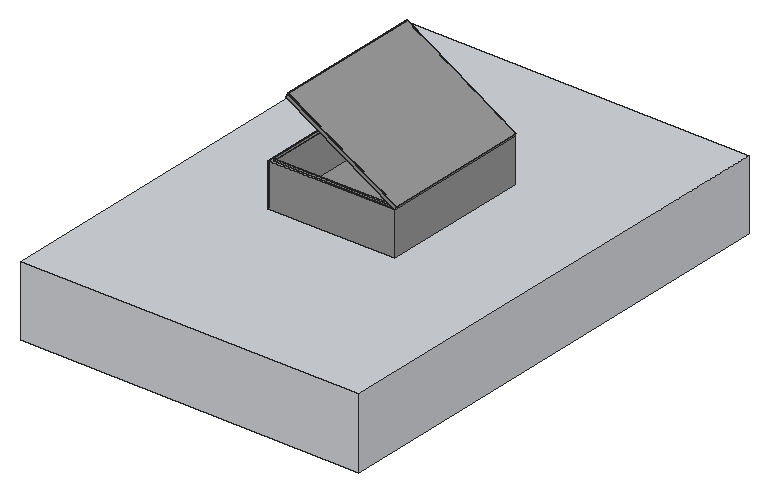
Revit family "Hager-Univers-IP54-D205-H650-Cl.II-Encl-NL-en", category Equipement électrique, Revit 2020
Family settings
  Hôte = Face
  Configuration du panneau = Deux colonnes, circuits au sein
  Cote de connecteur circulaire = Utiliser le diamètre
  Type d'élément = Tableau de raccordement
  Couper avec des vides une fois chargée = Non
  Partagée = Non
  Point de calcul de pièce = Non
Parameters (values of type "Surface mounted (plaster) IP54 W550 H650 D205  - FP42QSW")
  Width Control [instance] = if([EF000008 - Width] > Min Width, [EF000008 - Width], Min Width)  # 550 mm
  Commentaires du type = [HG000003 - Range]  # "Univers"
  Thickness Door [instance] = if([EF009171 - Material plate thickness door/cover] > 3 mm, 3 mm, [EF009171 - Material plate thickness door/cover])  # 1 mm
  Seal Frame Offset [instance] = 17 mm  # constant formula
  Plinth Visibility [instance] = [HG000027 - Plinth height] > 0 mm  # no
  Model = ""
  Min Width [instance] = 100 mm  # constant formula
  Min Height [instance] = 100 mm  # constant formula
  Min Depth [instance] = (2 * [EF009170 - Material plate thickness cabinet]) + 1 mm  # 3 mm
  Internal Frame Depth [instance] = (Door System Depth * 0.5)  # 9 mm
  Height Control [instance] = if([EF000040 - Height] > Min Height, [EF000040 - Height], Min Height)  # 650 mm
  HG000027 - Plinth height = 0 mm
  HG000026 - Floor standing = no
  HG000024 - Bottom section height = 800 mm
  HG000023 - Double section enclosure = no
  HG000016 - Door 3d visibility [instance] = yes
  HG000015 - Clearance visibility [instance] = no
  HG000014 - Door on the right [instance] = yes
  HG000013 - Door on the left [instance] = not([HG000014 - Door on the right])  # no
  HG000012 - Door swing angle [instance] = 30.00°
  HG000010 - Asymmetric doors = no
  HG000009 - Double swing door = no
  HG000006 - Flush mounted = no
  HG000004 - Manufacturer reference = "FP42QSW"
  HG000003 - Range = "Univers"
  HG000002 - With door or cover = yes
  Frame Offset Bottom [instance] = 10 mm  # constant formula
  Frame Offset [instance] = 15 mm  # constant formula
  EF015940 - Cover with overpressure release = no
  EF011959 - Degree of protection (NEMA) = ""
  EF009554 - Number of openings for flange plates = 4
  EF009212 - Cover model = "EV000116 - Closed"
  EF009171 - Material plate thickness door/cover = 1 mm
  EF009170 - Material plate thickness cabinet = 1 mm
  Fabricant = "Hager"  # constant formula
  EF008873 - Nominal current (In) = 250 A
  EF007800 - Suitable for lightning protection = no
  EF006306 - With lock = no
  EF006244 - Transparent cover/door = no
  EF005474 - Degree of protection (IP) = "EV006419 - IP54"
  EF004464 - Type of door = "EV002646 - Single"
  EF004427 - Number of modules = 96
  EF004293 - Impact strength = "EV006815 - IK09"
  EF003532 - Suitable for outdoor use = no
  EF002950 - Width in number of modular spacings = 24
  EF001613 - Circuit integrity = "EV000494 - None"
  EF001596 - Material housing = "EV000179 - Steel"
  EF001131 - Internal depth = 143 mm
  EF001088 - Extension possible = yes
  EF000437 - Number of conduit inlets = 4
  EF000339 - Type of cover = "EV001012 - Cover"
  EF000266 - Number of rows = 4
  EF000218 - Built-in depth = 0 mm
  EF000118 - With mounting plate = no
  EF000116 - RAL-number = "9010"
  EF000049 - Depth = 205 mm
  EF000040 - Height = 650 mm
  EF000008 - Width = 550 mm
  EF000007 - Colour = "EV000202 - White"
  EF000003 - Mounting method = "EV000384 - Surface mounted (plaster)"
  Door System Leaf Tolerance [instance] = 1.5 mm  # constant formula
  Door System Depth [instance] = 18 mm  # constant formula
  Door Height [instance] = Height Control - [HG000027 - Plinth height]  # 650 mm
  Depth Control [instance] = if([EF000049 - Depth] > Min Depth, [EF000049 - Depth], Min Depth)  # 205 mm
  Default Elevation = 0 mm
  Connector Offset [instance] = Height Control / 2  # 325 mm
  Bottom Top Plate Trim [instance] = 1.5 mm  # constant formula
  Plinth height Ctrl [instance] = if([HG000027 - Plinth height] > 0 mm, [HG000027 - Plinth height], 12 mm)  # 12 mm
Reference planes
  plane 1 "Center (Front/Back)": y = 0
  plane 2: z = 0
  plane 3 "Center (Left/Right)": x = 0
  plane 4: z = 205
  plane 5: y = 1
  plane 6: y = 325
  plane 7: y = 0
  plane 8: y = 650
  plane 9: z = 0
  plane 10: x = -260
  plane 11: x = 260
  plane 12: x = 259
  plane 13: x = -259
  plane 14: y = 649
  plane 15: x = -258
  plane 16: x = -275
  plane 17: x = 258
  plane 18: x = 275
  plane 19: x = 274
  plane 20: x = -274
  plane 21: y = 11
  plane 22: y = 650
  plane 23: y = 634
  plane 24: z = 187
  plane 25: z = 1
  plane 26: z = 186
  plane 27: z = 204
Forms (mm)
  Extrusion 1, solid
    sketch origin (0, 0, 0) x (1, 0, 0) y (0, 1, 0)
      loop
        line (-702.964, 1305) -> (-702.964, -811.445) -> (766.763, -811.445) -> (766.763, 1305) -> (-702.964, 1305)
    from 0 to -304.8
  Extrusion 2, solid, material "Hager_Steel_RAL7035_Light_Grey", visible <- "Plinth Visibility", detail levels medium+fine
    sketch origin (0, 0, 0) x (1, 0, 0) y (0, 1, 0)
      loop
        line (-275, 0) -> (275, 0) -> (275, 12) -> (-275, 12) -> (-275, 0)
    from 0 to 187
  Extrusion 3, solid, material "Hager_Steel_RAL7035_Light_Grey", detail levels medium+fine
    sketch origin (0, 0, 0) x (1, 0, 0) y (0, 1, 0)
      loop
        line (-275, 0) -> (275, 0) -> (275, 650) -> (-275, 650) -> (-275, 0)
    from 0 to 187
  Extrusion 4, void
    sketch origin (0, 0, 0) x (1, 0, 0) y (0, 1, 0)
      loop
        line (-274, 1) -> (274, 1) -> (274, 649) -> (-274, 649) -> (-274, 1)
    from 1 to 186
  Extrusion 5, void
    sketch origin (-381.607, -4572, 187) x (0, -1, 0) y (-1, 0, 0)
      loop
        line (-4583, -122.607) -> (-5206, -122.607) -> (-5206, -640.607) -> (-4583, -640.607) -> (-4583, -122.607)
    from 0 to 1 <- "EF009170 - Material plate thickness cabinet"
  Extrusion 6, solid, material "Hager_Steel_RAL7035_Light_Grey", detail levels fine
    sketch origin (0, 0, 187) x (1, 0, 0) y (0, 1, 0)
      loop
        line (-259, 634) -> (-259, 11) -> (259, 11) -> (259, 634) -> (-259, 634)
      loop
        line (-260, 10) -> (260, 10) -> (260, 635) -> (-260, 635) -> (-260, 10)
    from 0 to 9 <- "Internal Frame Depth"
  Extrusion 7, solid, material "Hager_Steel_RAL7035_Light_Grey", detail levels coarse
    sketch origin (0, 0, 0) x (1, 0, 0) y (0, 1, 0)
      loop
        line (-275, 0) -> (275, 0) -> (275, 650) -> (-275, 650) -> (-275, 0)
    from 0 to 205
  Sweep 8, void
    path in 3D
      loop
        line (-275, 12, 0) -> (275, 12, 0) -> (275, 12, 187) -> (-275, 12, 187) -> (-275, 12, 0)
    profile origin (-275, 12, 93.5) x (-1, 0, 0) y (0, -1, 0)
      loop
        line (0, 0) -> (0, 1.5) -> (-1.5, 1.5)
        arc (-1.5, 1.5) -> (-1.061, 0.439) -> (0, 0) r 1.5
Cuts and joins
  Extrusion 4, Extrusion 5 cuts Extrusion 3
  Sweep 8 cuts Extrusion 2
Lines and regions (mm)
  Masking region 1
    outline origin (0, 0, 0) x (1, 0, 0) y (0, 0, 1)
      loop
        line (-275, 205) -> (-275, 0) -> (275, 0) -> (275, 205) -> (-275, 205)
  Masking region 2, detail levels medium+fine
    outline origin (0, 140, 0) x (0, 1, 0) y (0, 0, 1)
      loop
        line (-140, 0) -> (510, 0) -> (510, 187) -> (-140, 187) -> (-140, 0)
  Masking region 3, not visible, detail levels medium+fine
    outline origin (0, 297.922, 0) x (0, 1, 0) y (0, 0, 1)
      loop
        line (38.578, 0) -> (78.578, 0) -> (78.578, 194)
        arc (78.578, 194) -> (75.649, 201.071) -> (68.578, 204) r 10
        line (68.578, 204) -> (38.578, 204) -> (38.578, 0)
  Masking region 4, detail levels coarse
    outline origin (0, 0, 180) x (0, 1, 0) y (0, 0, 1)
      loop
        line (0, -180) -> (650, -180) -> (650, 25) -> (0, 25) -> (0, -180)
  Masking region 5, visible <- "Plinth Visibility", detail levels medium+fine
    outline origin (0, 52.24, 12.345) x (0, 0, -1) y (0, 1, 0)
      loop
        line (10.845, -40.24) -> (-173.155, -40.24)
        arc (-173.155, -40.24) -> (-173.594, -41.301) -> (-174.655, -41.74) r 1.5
        line (-174.655, -41.74) -> (-174.655, -52.24) -> (12.345, -52.24) -> (12.345, -41.74)
        arc (12.345, -41.74) -> (11.285, -41.301) -> (10.845, -40.24) r 1.5
  Masking region 6, detail levels medium+fine
    outline origin (-381.607, -4572, 187) x (-1, 0, 0) y (0, -1, 0)
      loop
        line (-106.607, -5222) -> (-106.607, -4572) -> (-656.607, -4572) -> (-656.607, -5222) -> (-106.607, -5222)
  Masking region 7, visible <- "Plinth Visibility", detail levels medium+fine
    outline origin (-381.607, -4727, 187) x (-1, 0, 0) y (0, -1, 0)
      loop
        arc (-108.107, -4739) -> (-107.668, -4737.939) -> (-106.607, -4737.5) r 1.5
        line (-106.607, -4737.5) -> (-106.607, -4727) -> (-656.607, -4727) -> (-656.607, -4737.5)
        arc (-656.607, -4737.5) -> (-655.546, -4737.939) -> (-655.107, -4739) r 1.5
        line (-655.107, -4739) -> (-108.107, -4739)
  Masking region 8, detail levels coarse
    outline origin (-442.548, -4669.526, 187) x (-1, 0, 0) y (0, -1, 0)
      loop
        line (-167.548, -5319.526) -> (-167.548, -4669.526) -> (-717.548, -4669.526) -> (-717.548, -5319.526) -> (-167.548, -5319.526)
  sketch lines
    curve 1: line (-275, 12, 187) -> (-275, 12, 0)
    curve 2: line (275, 12, 187) -> (-275, 12, 187)
    curve 3: line (275, 12, 187) -> (275, 12, 0)
    curve 4: line (-275, 12, 0) -> (275, 12, 0)
Dimensions and locks
  "Depth Control": plane 4 to Extrusion 1
  "HG000027 - Plinth height": plane 1 "Center (Front/Back)" to plane 7
  "EF009170 - Material plate thickness cabinet": plane 5 to plane 7
  locked: connector elem to plane 3 "Center (Left/Right)"
  equal spacing: plane 8, plane 6, plane 7
  locked: connector elem to plane 6
  "EF009170 - Material plate thickness cabinet": plane 8 to plane 14
  "EF009170 - Material plate thickness cabinet": plane 10 to plane 13
  "EF009170 - Material plate thickness cabinet": plane 12 to plane 11
  "Frame Offset": plane 20 to plane 13
  "Frame Offset": plane 12 to plane 19
  "EF009170 - Material plate thickness cabinet": plane 16 to plane 20
  "EF009170 - Material plate thickness cabinet": plane 19 to plane 18
  "Seal Frame Offset": plane 16 to plane 15
  "Seal Frame Offset": plane 17 to plane 18
  "Frame Offset Bottom": plane 21 to plane 5
  "Frame Offset": plane 14 to plane 23
  equal spacing: plane 16, plane 3 "Center (Left/Right)", plane 18
  "Width Control": plane 16 to plane 18
  "EF009170 - Material plate thickness cabinet": plane 4 to plane 27
  "EF009170 - Material plate thickness cabinet": plane 24 to plane 26
  "EF009170 - Material plate thickness cabinet": plane 25 to level
  "Door System Depth": plane 4 to plane 24
  "Height Control": plane 1 "Center (Front/Back)" to Extrusion 7 sketch curve
  "Height Control": Masking region 4 sketch curve to plane 1 "Center (Front/Back)"
  "Height Control": plane 1 "Center (Front/Back)" to plane 22
  "Bottom Top Plate Trim": profile plane to Sweep 8 sketch curve
  "Bottom Top Plate Trim": Sweep 8 sketch curve to profile plane
  "Plinth height Ctrl": plane 1 "Center (Front/Back)" to Extrusion 2 sketch curve
  "Plinth height Ctrl": Masking region 5 sketch curve to plane 1 "Center (Front/Back)"
  "Plinth height Ctrl": plane 1 "Center (Front/Back)" to Masking region 7 sketch curve
  "Thickness Door": Extrusion 6 sketch curve to Extrusion 6 sketch curve  (x3)
  "Thickness Door": cut or joined group of Extrusion 3, Extrusion 4, Extrusion 5 to Extrusion 6 sketch curve
  radius of Masking region 3 sketch curve = 10 mm
  "Bottom Top Plate Trim": radius of Masking region 5 sketch curve  (x2)
  "Bottom Top Plate Trim": radius of Sweep 8 sketch curve
  "Bottom Top Plate Trim": radius of Masking region 7 sketch curve  (x2)
  aligned and locked: plane 2 to Extrusion 1
  aligned and locked: level to Extrusion 1
  aligned and locked: level to Masking region 1 sketch curve
  aligned and locked: Masking region 1 sketch curve to plane 18
  aligned and locked: Masking region 1 sketch curve to plane 16
  aligned and locked: plane 7 to Masking region 2 sketch curve
  aligned and locked: level to Masking region 3 sketch curve
  aligned and locked: Masking region 3 sketch curve to plane 27
  aligned and locked: level to Masking region 2 sketch curve
  aligned and locked: plane 1 "Center (Front/Back)" to Extrusion 2 sketch curve
  aligned and locked: Extrusion 3 sketch curve to plane 7
  aligned and locked: plane 16 to Extrusion 3 sketch curve
  aligned and locked: plane 18 to Extrusion 3 sketch curve
  aligned and locked: plane 20 to Extrusion 4 sketch curve
  aligned and locked: plane 19 to Extrusion 4 sketch curve
  aligned and locked: Extrusion 4 sketch curve to plane 5
  aligned and locked: Extrusion 4 to plane 25
  aligned and locked: plane 26 to Extrusion 4
  aligned and locked: plane 24 to Extrusion 3
  aligned and locked: Extrusion 5 sketch curve to plane 21
  aligned and locked: Extrusion 5 sketch curve to plane 13
  aligned and locked: Extrusion 5 sketch curve to plane 12
  aligned and locked: plane 18 to Extrusion 7 sketch curve
  aligned and locked: plane 1 "Center (Front/Back)" to Extrusion 7 sketch curve
  aligned and locked: plane 16 to Extrusion 7 sketch curve
  aligned and locked: plane 4 to Extrusion 7
  aligned and locked: Extrusion 7 to level
  aligned and locked: level to Masking region 4 sketch curve
  aligned and locked: Masking region 4 sketch curve to plane 1 "Center (Front/Back)"
  aligned and locked: Masking region 4 sketch curve to plane 4
  aligned and locked: nested 1 to level
  aligned and locked: nested 1 to plane 16
  aligned and locked: plane 8 to Extrusion 3 sketch curve
  aligned and locked: plane 23 to Extrusion 5 sketch curve
  aligned and locked: plane 14 to Extrusion 4 sketch curve
  aligned and locked: Masking region 2 sketch curve to plane 8
  aligned and locked: level to Masking region 5 sketch curve
  aligned and locked: plane 16 to Extrusion 2 sketch curve
  aligned and locked: plane 18 to Extrusion 2 sketch curve
  aligned and locked: Masking region 5 sketch curve to plane 24
  aligned and locked: Masking region 2 sketch curve to plane 24
  aligned and locked: plane 24 to Extrusion 2
  aligned and locked: profile plane to Sweep 8 sketch curve  (x2)
  aligned and locked: Masking region 6 sketch curve to plane 18
  aligned and locked: Masking region 6 sketch curve to plane 22
  aligned and locked: Masking region 6 sketch curve to plane 16
  aligned and locked: plane 8 to plane 22
  aligned and locked: plane 7 to Masking region 6 sketch curve
  aligned and locked: Masking region 7 sketch curve to plane 16
  aligned and locked: Masking region 7 sketch curve to plane 1 "Center (Front/Back)"
  aligned and locked: Masking region 7 sketch curve to plane 18
  aligned and locked: Masking region 8 sketch curve to plane 1 "Center (Front/Back)"
  aligned and locked: Masking region 8 sketch curve to plane 18
  aligned and locked: Masking region 8 sketch curve to plane 22
  aligned and locked: Masking region 8 sketch curve to plane 16
  aligned and locked: nested 2 to plane 7
  aligned and locked: plane 3 "Center (Left/Right)" to nested 2
  aligned and locked: nested 2 to plane 24
  aligned and locked: Extrusion 6 sketch curve to cut or joined group of Extrusion 3, Extrusion 4, Extrusion 5  (x4)
Automatic sketch dimensions
  Extrusion 1 sketch curve to Extrusion 1 sketch curve = 1469.727 mm
  Extrusion 1 sketch curve to Extrusion 1 sketch curve = 2116.445 mm
  Masking region 1 sketch curve to plane 4 = 0 mm
  plane 6 to Masking region 3 sketch curve = 11.5 mm
  Masking region 3 sketch curve to Masking region 3 sketch curve = 30 mm
  Masking region 5 sketch curve to plane 1 "Center (Front/Back)" = 0 mm
Nested families
  nested 1: "Hager_Enclosure_Symbol" at (-275, 0, 0) x (1, 0, 0) z (0, -1, 0), Height <- "Depth Control", Width <- "Width Control", type "Hager_Enclosure_Symbol"
    with Width_Ctrl 550 mm, Width 550 mm, Height_Ctrl 205 mm, Height 205 mm, A_Width_Int 13.453 mm, A_Width 161.438 mm, A_Height_Ctrl 179.375 mm, A_Height 179.375 mm
  nested 2: "EC000058_Univers_Door" at (0, 0, 187) x (1, 0, 0) z (0, 1, 0), Leaf_Tolerance <- "Door System Leaf Tolerance", Angle <- "HG000012 - Door swing angle", Door_Depth <- "Door System Depth", Door_Left <- "HG000013 - Door on the left", Transparent <- "EF006244 - Transparent cover/door", Assymetrical <- "HG000010 - Asymmetric doors", Width <- "Width Control", Clearance <- "HG000015 - Clearance visibility", Double <- "HG000009 - Double swing door", 3d_Door <- "HG000016 - Door 3d visibility", Lock_Visibility <- "EF006306 - With lock", Width_Ctrl <- "Width Control", Door_Right <- "HG000014 - Door on the right", Door <- "HG000002 - With door or cover", Height <- "Door Height", Thickness <- "Thickness Door", type "EC000058_Univers_Door", detail levels medium+fine
    with min_wh 3 mm, Width_Ctrl 550 mm, Width 550 mm, Transparent no, Thickness 1 mm, Seal_Material Hager_Rubber, Lock_Visibility no, Lock_Material Hager_Plastic_RAL9005_Jet_Black, Leaf_Width 550 mm, Leaf_Tolerance_External_Sides 0 mm, Leaf_Tolerance 1.5 mm, Leaf_Offset 0 mm, Leaf_Height 647 mm, Leaf_2_Width 550 mm, Leaf_2_Offset 275 mm, Leaf_1_Width 550 mm, Leaf_1_Offset 275 mm, Height_Ctrl 650 mm, Height 650 mm, Glass_Material Hager_Glass, Double_Clearance_Ctrl no, Double no, Door_Right_Ctrl yes, Door_Right yes, Door_Material Hager_Steel_RAL7035_Light_Grey, Door_Left_Ctrl no, Door_Left no, Door_Depth 18 mm, Door yes, Clearance_Material Hager_Clearance, Clearance_Depth 550 mm, Clearance_Ctrl no, Clearance no, Assymetrical no, Angle 30.00°, 3d_Door yes
Connectors
  electrical at (0, 325, 0)
    settings: on plane 9, index 1, voltage 0 V, apparent load 0 VA, apparent load phase1 0 VA, apparent load phase2 0 VA, apparent load phase3 0 VA, power factor 1, load classification "Other", number of poles 1, system type 30, power factor state 1, is connector primary yes, connector utility no, sub classification motor no, connector description ""
Definition of nested family "EC000058_Univers_Door"
  Parameters (values of type "EC000058_Univers_Door")
    min_wh [instance] = (2 * Thickness) + 1 mm  # 11 mm
    Width_Ctrl [instance] = 400 mm
    Width [instance] = 500 mm
    Transparent [instance] = yes
    Thickness [instance] = 5 mm
    Seal_Material [instance] = none
    Lock_Visibility [instance] = yes
    Lock_Material [instance] = none
    Leaf_Width [instance] = if((Width_Ctrl - 2 * Leaf_Tolerance_External_Sides) > 0 mm, (Width_Ctrl - 2 * Leaf_Tolerance_External_Sides), min_wh)  # 400 mm
    Leaf_Tolerance_External_Sides [instance] = 0 mm  # constant formula
    Leaf_Tolerance [instance] = 1.5 mm
    Leaf_Offset [instance] = 0 mm  # constant formula
    Leaf_Height [instance] = if((Height_Ctrl - 2 * Leaf_Tolerance) > 0 mm, (Height_Ctrl - 2 * Leaf_Tolerance), min_wh)  # 497 mm
    Leaf_2_Width [instance] = if(and(and(Double, Assymetrical), Door_Left), (Leaf_Width / 3) - (Leaf_Tolerance / 2), if(and(and(Double, Assymetrical), Door_Right), (Leaf_Width / 3) * 2 - (Leaf_Tolerance / 2), if(and(Double, not(Assymetrical)), (Leaf_Width / 2) - Leaf_Tolerance, Leaf_Width)))  # 400 mm
    Leaf_2_Offset [instance] = if(and(Double, Assymetrical), Leaf_2_Width / 2, if(and(Double, not(Assymetrical)), Leaf_Width / 4, Leaf_Width / 2))  # 200 mm
    Leaf_1_Width [instance] = if(and(and(Double, Assymetrical), Door_Right), (Leaf_Width / 3) - (Leaf_Tolerance / 2), if(and(and(Double, Assymetrical), Door_Left), (Width / 3) * 2 - (Leaf_Tolerance / 2), if(and(Double, not(Assymetrical)), (Leaf_Width / 2) - Leaf_Tolerance, Leaf_Width)))  # 400 mm
    Leaf_1_Offset [instance] = if(and(Double, Assymetrical), Leaf_1_Width / 2, if(and(Double, not(Assymetrical)), Leaf_Width / 4, Leaf_Width / 2))  # 200 mm
    Height_Ctrl [instance] = if(Height > min_wh, Height, min_wh)  # 500 mm
    Height [instance] = 500 mm
    Glass_Material [instance] = none
    Double_Clearance_Ctrl [instance] = and(Double, Clearance)  # no
    Double [instance] = no
    Door_Right_Ctrl [instance] = and(or(Door_Right, Double), Door)  # yes
    Door_Right [instance] = yes
    Door_Material [instance] = none
    Door_Left_Ctrl [instance] = and(or(Door_Left, Double), Door)  # no
    Door_Left [instance] = no
    Door_Depth [instance] = 30 mm
    Door [instance] = yes
    Default Elevation = 1219.2 mm
    Clearance_Material [instance] = none
    Clearance_Depth [instance] = if(Leaf_1_Width > Leaf_2_Width, Leaf_1_Width, Leaf_2_Width)  # 400 mm
    Clearance_Ctrl [instance] = and(not(Double), Clearance)  # yes
    Clearance [instance] = yes
    Assymetrical [instance] = yes
    Angle [instance] = 30.00°
    3d_Door [instance] = yes
  Reference planes
    plane 1 "Center (Front/Back)": y = 0
    plane 2 "Bottom": z = 0
    plane 3 "Center (Left/Right)": x = 0
    plane 4: z = 500
    plane 5: x = -200
    plane 6: x = 200
    plane 7: z = 500
    plane 8: x = -200
    plane 9: z = 0
    plane 10: x = 200
    plane 11: y = 0
    plane 12: z = 1.5
    plane 13: x = -600
    plane 14: y = -400
    plane 15: x = 600
    plane 16: x = 0
    plane 17: x = 0
    plane 18: x = -200
    plane 19: x = 200
    plane 20: z = 498.5
  Forms (mm)
    Extrusion 1, solid, material <- "Clearance_Material", visible <- "Double_Clearance_Ctrl"
      sketch origin (1200, 0, 0) x (1, 0, 0) y (0, 0, -1)
        loop
          line (-1800, -498.5) -> (-600, -498.5) -> (-600, 0) -> (-1800, 0) -> (-1800, -498.5)
      from 0 to -400
  Dimensions and locks
    equal spacing: plane 5, plane 3 "Center (Left/Right)", plane 6
    "Width_Ctrl": plane 5 to plane 6
    "Leaf_Offset": plane 5 to plane 8
    "Leaf_Offset": plane 6 to plane 10
    "Leaf_Offset": plane 9 to level
    "Leaf_Offset": plane 4 to plane 7
    "Height_Ctrl": plane 4 to level
    "Leaf_Tolerance": plane 12 to plane 9
    locked: plane 11 to plane 1 "Center (Front/Back)"
    "Leaf_1_Offset": plane 18 to plane 16
    "Leaf_2_Offset": plane 17 to plane 19
    "Leaf_1_Width": plane 13 to plane 8
    "Leaf_2_Width": plane 10 to plane 15
    "Clearance_Depth": plane 14 to plane 1 "Center (Front/Back)"
    "Leaf_Tolerance_External_Sides": plane 8 to plane 18
    "Leaf_Tolerance_External_Sides": plane 19 to plane 10
    "Leaf_Tolerance": plane 7 to plane 20
    aligned and locked: level to plane 2 "Bottom"
    aligned and locked: nested 1 to plane 16
    aligned and locked: nested 2 to plane 17
    aligned and locked: Extrusion 1 to plane 13
    aligned and locked: plane 15 to Extrusion 1
    aligned and locked: Extrusion 1 to plane 14
    aligned and locked: plane 12 to nested 1
    aligned and locked: nested 2 to plane 12
    aligned and locked: Extrusion 1 to plane 11
    aligned and locked: plane 20 to Extrusion 1
    aligned and locked: nested 2 to plane 11
    aligned and locked: nested 1 to plane 11
  Automatic sketch dimensions
    Extrusion 1 sketch curve to level = 0 mm
    plane 5 to Extrusion 1 sketch curve = 400 mm
    plane 6 to Extrusion 1 sketch curve = 400 mm
    Extrusion 1 sketch curve to plane 4 = 1.5 mm
  Nested families
    nested 1: "EC000058_Univers_Door_Leaf" at (0, 0, 1.5), Width <- "Leaf_1_Width", visible <- "Door_Left_Ctrl", Leaf_Height <- "Leaf_Height", Angle <- "Angle", 3d_Door <- "3d_Door", Transparent <- "Transparent", Clearance Material <- "Clearance_Material", Clearance <- "Clearance_Ctrl", Door_Material <- "Door_Material", Glass_Material <- "Glass_Material", Door_Depth <- "Door_Depth", Lock_Material <- "Lock_Material", Seal_Material <- "Seal_Material", Lock_Visibility <- "Lock_Visibility", Thickness <- "Thickness", type "EC000058_Univers_Door_Leaf"
      with Width 400 mm, Transparent_Glass_Offset 30 mm, Transparent_Ctrl yes, Transparent yes, Thickness 5 mm, Standard no, Seal_Material none, Seal_D2 8 mm, Seal_D1 1 mm, Offset_Internal_Frame 10 mm, Lock_Width 20 mm, Lock_Visibility_3d yes, Lock_Visibility yes, Lock_Thickness_3 3 mm, Lock_Thickness_2 1 mm, Lock_Thickness_1 3 mm, Lock_Radius_Offset_2 16 mm, Lock_Radius_Offset_1 15 mm, Lock_Radius_2 5 mm, Lock_Radius 6 mm, Lock_Offset 5 mm, Lock_Material none, Lock_Height 80 mm, Lock_Cover_Top_Offset_2d 17 mm, Lock_Cover_Height -65 mm, Leaf_Height 497 mm, Internal_Seal_Thickness 8 mm, Internal_Seal_Depth_2 4.5 mm, Internal_Frame_Depth 25 mm, Glass_Thickness -1 mm, Glass_Offset -2 mm, Glass_Material none, Door_Material none, Door_Depth 30 mm, Clearance Material none, Clearance yes, Angle_Ctrl 30.00°, Angle 30.00°, 3d_Door yes
    nested 2: "EC000058_Univers_Door_Leaf" at (0, 0, 1.5) x (-1, 0, 0) z (0, 0, 1), Width <- "Leaf_2_Width", visible <- "Door_Right_Ctrl", Leaf_Height <- "Leaf_Height", Angle <- "Angle", 3d_Door <- "3d_Door", Transparent <- "Transparent", Clearance Material <- "Clearance_Material", Clearance <- "Clearance_Ctrl", Door_Material <- "Door_Material", Glass_Material <- "Glass_Material", Door_Depth <- "Door_Depth", Lock_Material <- "Lock_Material", Seal_Material <- "Seal_Material", Lock_Visibility <- "Lock_Visibility", Thickness <- "Thickness", type "EC000058_Univers_Door_Leaf"
      with Width 400 mm, Transparent_Glass_Offset 30 mm, Transparent_Ctrl yes, Transparent yes, Thickness 5 mm, Standard no, Seal_Material none, Seal_D2 8 mm, Seal_D1 1 mm, Offset_Internal_Frame 10 mm, Lock_Width 20 mm, Lock_Visibility_3d yes, Lock_Visibility yes, Lock_Thickness_3 3 mm, Lock_Thickness_2 1 mm, Lock_Thickness_1 3 mm, Lock_Radius_Offset_2 16 mm, Lock_Radius_Offset_1 15 mm, Lock_Radius_2 5 mm, Lock_Radius 6 mm, Lock_Offset 5 mm, Lock_Material none, Lock_Height 80 mm, Lock_Cover_Top_Offset_2d 17 mm, Lock_Cover_Height -65 mm, Leaf_Height 497 mm, Internal_Seal_Thickness 8 mm, Internal_Seal_Depth_2 4.5 mm, Internal_Frame_Depth 25 mm, Glass_Thickness -1 mm, Glass_Offset -2 mm, Glass_Material none, Door_Material none, Door_Depth 30 mm, Clearance Material none, Clearance yes, Angle_Ctrl 30.00°, Angle 30.00°, 3d_Door yes
  Definition of nested family "EC000058_Univers_Door_Leaf"
    Parameters (values of type "EC000058_Univers_Door_Leaf")
      Width [instance] = 2000 mm
      Transparent_Glass_Offset [instance] = 30 mm
      Transparent_Ctrl [instance] = and(Transparent, [3d_Door])  # yes
      Transparent [instance] = yes
      Thickness [instance] = 5 mm
      Standard [instance] = and(not(Transparent), [3d_Door])  # no
      Seal_Material [instance] = none
      Seal_D2 [instance] = 8 mm  # constant formula
      Seal_D1 [instance] = 1 mm  # constant formula
      Offset_Internal_Frame [instance] = 10 mm  # constant formula
      Lock_Width [instance] = 20 mm  # constant formula
      Lock_Visibility_3d [instance] = and(Lock_Visibility, [3d_Door])  # yes
      Lock_Visibility [instance] = yes
      Lock_Thickness_3 [instance] = 3 mm  # constant formula
      Lock_Thickness_2 [instance] = 1 mm  # constant formula
      Lock_Thickness_1 [instance] = 3 mm  # constant formula
      Lock_Radius_Offset_2 [instance] = Lock_Radius_Offset_1 + 1 mm  # 16 mm
      Lock_Radius_Offset_1 [instance] = 15 mm  # constant formula
      Lock_Radius_2 [instance] = Lock_Radius - 1 mm  # 5 mm
      Lock_Radius [instance] = 6 mm  # constant formula
      Lock_Offset [instance] = 5 mm  # constant formula
      Lock_Material [instance] = none
      Lock_Height [instance] = 80 mm  # constant formula
      Lock_Cover_Top_Offset_2d [instance] = Lock_Radius_Offset_2 + 1 mm  # 17 mm
      Lock_Cover_Height [instance] = -(Lock_Height - Lock_Radius_Offset_1)  # -65 mm
      Leaf_Height [instance] = 2720.336 mm
      Internal_Seal_Thickness [instance] = 8 mm  # constant formula
      Internal_Seal_Depth_2 [instance] = 4.5 mm  # constant formula
      Internal_Frame_Depth [instance] = if(Door_Depth - Thickness > 5 mm, Door_Depth - Thickness, 5 mm)  # 25 mm
      Glass_Thickness [instance] = if(Thickness > 15 mm, Glass_Offset + 10 mm, -1 mm)  # -1 mm
      Glass_Offset [instance] = if(Thickness > 15 mm, -(Thickness + 10 mm) / 2, -2 mm)  # -2 mm
      Glass_Material [instance] = none
      Door_Material [instance] = none
      Door_Depth [instance] = 30 mm
      Default Elevation = 0 mm
      Clearance Material [instance] = none
      Clearance [instance] = yes
      Angle_Ctrl [instance] = if(Angle > 180.00°, 180.00°, Angle)  # 90.00°
      Angle [instance] = 90.00°
      3d_Door [instance] = yes
    Reference planes
      plane 1 "Center (Front/Back)": y = 0
      plane 2: z = 0
      plane 3 "Center (Left/Right)": x = 0
      plane 4: y = 2000
      plane 5: x = -1000
      plane 6: x = 1000
      plane 7: x = -3000
      plane 8: z = 2720.336
      plane 9: z = 30
      plane 10: z = 2690.336
      plane 11: x = 970
      plane 12: x = -970
      plane 13: y = -3
      plane 14: z = 107.833
      plane 15: y = -5
      plane 16: y = -223.314
      plane 17: x = -1000
      plane 18: z = 1360.168
      plane 19: y = 30
    Forms (mm)
      Extrusion 1, solid, material <- "Clearance Material", visible <- "Clearance"
        sketch origin (0, 0, 0) x (1, 0, 0) y (0, 0, 1)
          loop
            line (-3000, 2720.336) -> (-3000, 0) -> (1000, 0) -> (1000, 2720.336) -> (-3000, 2720.336)
        from 0 to -2000
      Extrusion 2, solid, material <- "Door_Material", visible <- "Standard", detail levels medium+fine
        sketch origin (-1000, 0, 0) x (0, 1, 0) y (-1, 0, 0)
          loop
            line (0, 30) -> (0, 25) -> (2000, 25) -> (2000, 30) -> (0, 30)
        from 0 to 2720.336 <- "Leaf_Height"
      Extrusion 3, solid, material <- "Door_Material", visible <- "Transparent_Ctrl", detail levels medium+fine
        sketch origin (-1000, 0, 0) x (0, 1, 0) y (-1, 0, 0)
          loop
            line (0, 25) -> (2000, 25) -> (2000, 30) -> (0, 30) -> (0, 25)
        from 0 to 2720.336 <- "Leaf_Height"
      Extrusion 4, void
        sketch origin (-1025, 2000, 0) x (0, 1, 0) y (0, 0, -1)
          loop
            line (-30, -2690.336) -> (-30, -30) -> (-1970, -30) -> (-1970, -2690.336) -> (-30, -2690.336)
        from 0 to 5 <- "Thickness"
      Sweep 5, solid, material <- "Seal_Material", visible <- "Transparent_Ctrl", detail levels fine
        path in 3D
          loop
            line (-1025, 30, 30) -> (-1025, 30, 2690.336) -> (-1025, 1970, 2690.336) -> (-1025, 1970, 30) -> (-1025, 30, 30)
        profile origin (-1025, 1000, 30) x (1, 0, 0) y (0, 0, 1)
          loop
            line (0, 0) -> (0, -8) -> (1, -8) -> (1, 0) -> (0, 0)
      Extrusion 6, solid, material <- "Glass_Material", visible <- "Transparent_Ctrl", detail levels medium+fine
        sketch origin (-1030, 0, 0) x (0, 1, 0) y (0, 0, -1)
          loop
            line (1970, -2690.336) -> (1970, -30) -> (30, -30) -> (30, -2690.336) -> (1970, -2690.336)
        from -2 <- "Glass_Offset" to -1 <- "Glass_Thickness"
      Extrusion 7, solid, material <- "Door_Material", visible <- "3d_Door", detail levels medium+fine
        sketch origin (-1025, 2000, 0) x (0, -1, 0) y (0, 0, -1)
          loop
            line (0, -2720.336) -> (2000, -2720.336) -> (2000, 0) -> (0, 0) -> (0, -2720.336)
          loop
            line (1995, -5) -> (5, -5) -> (5, -2715.336) -> (1995, -2715.336) -> (1995, -5)
        from 0 to 25 <- "Internal_Frame_Depth"
      Sweep 8, solid, material <- "Seal_Material", visible <- "Transparent_Ctrl", detail levels fine
        path in 3D
          loop
            line (-1025, 0, 0) -> (-1025, 2000, 0) -> (-1025, 2000, 2720.336) -> (-1025, 0, 2720.336) -> (-1025, 0, 0)
        profile origin (-1025, 0, 1360.168) x (1, 0, 0) y (0, 1, 0)
          loop
            line (0, 10) -> (2.975, 10)
            arc (2.975, 10) -> (4.053, 10.447) -> (4.5, 11.525) r 1.525
            line (4.5, 11.525) -> (4.5, 16.527)
            arc (4.5, 16.527) -> (4.069, 17.569) -> (3.027, 18) r 1.473
            line (3.027, 18) -> (0, 18) -> (0, 10)
      Extrusion 9, solid, material <- "Lock_Material", visible <- "Lock_Visibility_3d", detail levels fine
        sketch origin (-1030, 0, 0) x (0, 1, 0) y (0, 0, -1)
          loop
            arc (1993.5, -1400.168) -> (1994.561, -1399.729) -> (1995, -1398.668) r 1.5
            line (1995, -1398.668) -> (1995, -1320.168) -> (1975, -1320.168) -> (1975, -1398.668)
            arc (1975, -1398.668) -> (1975.439, -1399.729) -> (1976.5, -1400.168) r 1.5
            line (1976.5, -1400.168) -> (1993.5, -1400.168)
        from 3 <- "Lock_Thickness_1" to 0
      Blend 10, solid, material <- "Lock_Material", visible <- "Lock_Visibility_3d", detail levels fine
        base sketch origin (-1033, 0, 0) x (0, 1, 0) y (0, 0, -1)
          loop
            line (1975, -1320.168) -> (1975, -1398.668)
            arc (1975, -1398.668) -> (1975.439, -1399.729) -> (1976.5, -1400.168) r 1.5
            line (1976.5, -1400.168) -> (1993.5, -1400.168)
            arc (1993.5, -1400.168) -> (1994.561, -1399.729) -> (1995, -1398.668) r 1.5
            line (1995, -1398.668) -> (1995, -1320.168) -> (1975, -1320.168)
        top sketch origin (-1033, 0, 0) x (0, 1, 0) y (0, 0, -1)
          loop
            line (1976, -1320.168) -> (1976, -1398.668)
            arc (1976, -1398.668) -> (1976.146, -1399.022) -> (1976.5, -1399.168) r 0.5
            line (1976.5, -1399.168) -> (1993.5, -1399.168)
            arc (1993.5, -1399.168) -> (1993.854, -1399.022) -> (1994, -1398.668) r 0.5
            line (1994, -1398.668) -> (1994, -1320.168) -> (1976, -1320.168)
        from 0 to 1 <- "Lock_Thickness_2"
      Blend 11, solid, material <- "Lock_Material", visible <- "Lock_Visibility_3d", detail levels fine
        base sketch origin (-1034, 0, 0) x (0, 1, 0) y (0, 0, -1)
          loop
            line (1978, -1320.168) -> (1978, -1384.168)
            arc (1978, -1384.168) -> (1985, -1391.168) -> (1992, -1384.168) r 7
            line (1992, -1384.168) -> (1992, -1320.168) -> (1978, -1320.168)
        top sketch origin (-1034, 0, 0) x (0, 1, 0) y (0, 0, -1)
          loop
            line (1991, -1320.168) -> (1979, -1320.168) -> (1979, -1383.168)
            arc (1979, -1383.168) -> (1985, -1389.168) -> (1991, -1383.168) r 6
            line (1991, -1383.168) -> (1991, -1320.168)
        from 0 to 3 <- "Lock_Thickness_3"
      Extrusion 12, solid, material <- "Lock_Material", visible <- "Lock_Visibility_3d", detail levels fine
        sketch origin (-1030, 1975, 1320.168) x (1, 0, 0) y (0, -1, 0)
          loop
            line (-7, -19) -> (-7, -1) -> (0, -1) -> (0, 0) -> (-8, 0) -> (-8, -20) -> (0, -20) -> (0, -19) -> (-7, -19)
        from 0 to -65 <- "Lock_Cover_Height"
      Extrusion 13, void
        sketch origin (-1038, 1995, 1320.168) x (-1, 0, 0) y (0, 0, -1)
          loop
            line (-5, -65) -> (0, -65) -> (-5, -60) -> (-5, -65)
        from 0 to 20 <- "Lock_Width"
      Extrusion 14, void
        sketch origin (-1038, 1975, 1320.168) x (0, -1, 0) y (0, 0, -1)
          loop
            circle (-10, -15.995) r 6
          loop
            circle (-10, -15.995) r 5
        from 0 to 2
      Extrusion 15, solid, material <- "Lock_Material", visible <- "Lock_Visibility_3d", detail levels medium
        sketch origin (-1030, 0, 0) x (0, 1, 0) y (0, 0, -1)
          loop
            arc (1993.5, -1400.168) -> (1994.561, -1399.729) -> (1995, -1398.668) r 1.5
            line (1995, -1398.668) -> (1995, -1320.168) -> (1975, -1320.168) -> (1975, -1398.668)
            arc (1975, -1398.668) -> (1975.439, -1399.729) -> (1976.5, -1400.168) r 1.5
            line (1976.5, -1400.168) -> (1993.5, -1400.168)
        from 8 to 0
    Cuts and joins
      Extrusion 4 cuts Extrusion 3
      Extrusion 13, Extrusion 14 cuts Extrusion 9
      Extrusion 14 cuts Blend 11
      Extrusion 13, Extrusion 14 cuts Extrusion 12
      joined: Extrusion 9, Blend 10, Blend 11, Extrusion 12
      Extrusion 14 cuts Extrusion 15
    Lines and regions (mm)
      Masking region 1, visible <- "Lock_Visibility", detail levels fine
        outline origin (0, 0, 0) x (0, 1, 0) y (0, 0, 1)
          loop
            line (30, 1320.168) -> (33, 1320.168) -> (33, 1400.168) -> (30, 1400.168) -> (30, 1320.168)
      Masking region 2, visible <- "Lock_Visibility", detail levels fine
        outline origin (0, 3.143, 0) x (0, 1, 0) y (0, 0, 1)
          loop
            line (29.857, 1354.168) -> (30.857, 1354.168) -> (30.857, 1366.168) -> (29.857, 1366.168) -> (29.857, 1354.168)
      Masking region 3, detail levels medium+fine
        outline origin (0, 0, 0) x (0, 1, 0) y (0, 0, 1)
          loop
            line (0, 0) -> (30, 0) -> (30, 2720.336) -> (0, 2720.336) -> (0, 0)
      Masking region 4, detail levels medium+fine
        outline origin (0, 0, 0) x (1, 0, 0) y (0, 0, 1)
          loop
            line (-1000, 2720.336) -> (-1000, 0) -> (1000, 0) -> (1000, 2720.336) -> (-1000, 2720.336)
      Masking region 5, visible <- "Lock_Visibility", detail levels fine
        outline origin (-47.116, 0, 0) x (1, 0, 0) y (0, 0, 1)
          loop
            arc (1024.616, 1399.168) -> (1023.556, 1398.729) -> (1023.116, 1397.668) r 1.5
            line (1023.116, 1397.668) -> (1023.116, 1320.168) -> (1041.116, 1320.168) -> (1041.116, 1397.668)
            arc (1041.116, 1397.668) -> (1040.677, 1398.729) -> (1039.616, 1399.168) r 1.5
            line (1039.616, 1399.168) -> (1024.616, 1399.168)
      Masking region 6, visible <- "Lock_Visibility", detail levels medium+fine
        outline origin (-25, 0, 0) x (1, 0, 0) y (0, 0, 1)
          loop
            arc (1001.5, 1400.168) -> (1000.439, 1399.729) -> (1000, 1398.668) r 1.5
            line (1000, 1398.668) -> (1000, 1320.168) -> (1020, 1320.168) -> (1020, 1398.668)
            arc (1020, 1398.668) -> (1019.561, 1399.729) -> (1018.5, 1400.168) r 1.5
            line (1018.5, 1400.168) -> (1001.5, 1400.168)
      Masking region 7, visible <- "Lock_Visibility", detail levels fine
        outline origin (-73.735, 0, 0) x (1, 0, 0) y (0, 0, 1)
          loop
            line (1051.735, 1382.168) -> (1065.735, 1382.168) -> (1065.735, 1384.168)
            arc (1065.735, 1384.168) -> (1058.735, 1391.168) -> (1051.735, 1384.168) r 7
            line (1051.735, 1384.168) -> (1051.735, 1382.168)
      Masking region 8, visible <- "Lock_Visibility", detail levels fine
        outline origin (-73.735, 0, 0) x (1, 0, 0) y (0, 0, 1)
          loop
            line (1052.735, 1382.168) -> (1064.735, 1382.168) -> (1064.735, 1383.168)
            arc (1064.735, 1383.168) -> (1058.735, 1389.168) -> (1052.735, 1383.168) r 6
            line (1052.735, 1383.168) -> (1052.735, 1382.168)
      Masking region 9, visible <- "Lock_Visibility", detail levels fine
        outline origin (-25, 0, 0) x (1, 0, 0) y (0, 0, 1)
          loop
            line (1020, 1320.168) -> (1020, 1382.168) -> (1000, 1382.168) -> (1000, 1320.168) -> (1020, 1320.168)
      Masking region 10, detail levels medium+fine
        outline origin (0, 0, 0) x (1, 0, 0) y (0, 0, 1)
          loop
            circle (985, 1335.144) r 6
      Masking region 11, detail levels fine
        outline origin (0, 0, 0) x (1, 0, 0) y (0, 0, 1)
          loop
            circle (985, 1335.144) r 5
      Masking region 12, visible <- "Lock_Visibility", detail levels fine
        outline origin (0, 12.767, 0) x (0, 1, 0) y (0, 0, 1)
          loop
            line (20.233, 1320.168) -> (21.233, 1320.168) -> (21.233, 1399.168) -> (20.233, 1400.168) -> (20.233, 1320.168)
      Masking region 13, visible <- "Lock_Visibility", detail levels fine
        outline origin (0, 13.767, -10) x (0, 1, 0) y (0, 0, 1)
          loop
            line (20.233, 1330.168) -> (23.233, 1330.168) -> (23.233, 1399.168) -> (20.233, 1402.168) -> (20.233, 1330.168)
      Masking region 14, visible <- "Lock_Visibility", detail levels fine
        outline origin (0, 12.767, -10) x (0, 1, 0) y (0, 0, 1)
          loop
            line (20.233, 1330.168) -> (25.233, 1330.168) -> (25.233, 1399.305) -> (20.233, 1394.305) -> (20.233, 1330.168)
      Masking region 15, visible <- "Lock_Visibility", detail levels medium
        outline origin (0, 0, 0) x (0, 1, 0) y (0, 0, 1)
          loop
            line (30, 1320.168) -> (38, 1320.168) -> (38, 1400.168) -> (30, 1400.168) -> (30, 1320.168)
      Masking region 16, visible <- "Lock_Visibility", detail levels fine
        outline origin (-1000, 0, 0) x (0, 1, 0) y (-1, 0, 0)
          loop
            line (1975, 30) -> (1995, 30) -> (1995, 38) -> (1975, 38) -> (1975, 30)
          loop
            line (1979, 37) -> (1976, 37) -> (1976, 34) -> (1978, 34) -> (1979, 37)
          loop
            line (1994, 37) -> (1991, 37) -> (1992, 34) -> (1994, 34) -> (1994, 37)
      Masking region 17, visible <- "Lock_Visibility", detail levels medium
        outline origin (-1000, 0, 0) x (0, 1, 0) y (-1, 0, 0)
          loop
            line (1975, 30) -> (1995, 30) -> (1995, 38) -> (1975, 38) -> (1975, 30)
      symbolic lines
        curve 1: line (1000, 0, 0) -> (-3000, 0, 0)
        curve 2: arc (1000, 0, 0) -> (-1000, 2000, 0) -> (-3000, 0, 0) r 2000
        curve 4: line (-1030, 0, 0) -> (-1030, 2000, 0)
      reference lines
        curve 3: line (-1000, 0, 0) -> (-1000, 2000, 0)
      symbolic lines, detail levels medium+fine
        curve 5: line (-1030, 2000, 0) -> (-1025, 2000, 0)
        curve 7: line (-1025, 0, 0) -> (-1030, 0, 0)
        curve 8: line (-1025, 0, 0) -> (-1000, 0, 0)
        curve 9: line (-1000, 0, 0) -> (-1000, 2000, 0)
        curve 10: line (-1000, 2000, 0) -> (-1025, 2000, 0)
      symbolic lines, detail levels fine
        curve 6: line (-1025, 2000, 0) -> (-1025, 0, 0)
      sketch lines
        curve 11: line (-1025, 0, 2720.336) -> (-1025, 0, 0)
        curve 12: line (-1025, 2000, 0) -> (-1025, 0, 0)
        curve 13: line (-1025, 2000, 2720.336) -> (-1025, 2000, 0)
        curve 14: line (-1025, 0, 2720.336) -> (-1025, 2000, 2720.336)
        curve 15: line (-1025, 1970, 30) -> (-1025, 30, 30)
        curve 16: line (-1025, 30, 30) -> (-1025, 30, 2690.336)
        curve 17: line (-1025, 1970, 2690.336) -> (-1025, 1970, 30)
        curve 18: line (-1025, 30, 2690.336) -> (-1025, 1970, 2690.336)
      symbolic lines, visible <- "Transparent", detail levels medium+fine
        curve 19: line (-970, 0, 2690.336) -> (970, 0, 2690.336)
        curve 20: line (-970, 0, 30) -> (-970, 0, 2690.336)
        curve 21: line (970, 0, 30) -> (-970, 0, 30)
        curve 22: line (970, 0, 2690.336) -> (970, 0, 30)
    Dimensions and locks
      "Width": plane 1 "Center (Front/Back)" to plane 4
      equal spacing: plane 5, plane 3 "Center (Left/Right)", plane 6
      "Width": plane 5 to plane 6
      "Width": plane 7 to plane 5
      "Leaf_Height": plane 8 to level
      "Width": curve 5 to curve 3
      "Width": curve 3 to curve 3
      plane 8 to plane 10 = 30 mm
      plane 9 to level = 30 mm
      plane 12 to plane 5 = 30 mm
      plane 6 to plane 11 = 30 mm
      Extrusion 1 to Extrusion 4 sketch curve = 30 mm
      "Transparent_Glass_Offset": curve 3 to Extrusion 4 sketch curve
      "Transparent_Glass_Offset": Extrusion 4 sketch curve to cut or joined group of Extrusion 3, Extrusion 4  (x2)
      cut or joined group of Extrusion 3, Extrusion 4 to Extrusion 6 sketch curve = 30 mm
      "Transparent_Glass_Offset": cut or joined group of Extrusion 3, Extrusion 4 to Extrusion 4 sketch curve
      "Thickness": curve 6 to curve 4
      "Thickness": Extrusion 7 sketch curve to Extrusion 7 sketch curve  (x4)
      "Door_Depth": curve 4 to curve 3
      "Offset_Internal_Frame": profile plane to Sweep 8 sketch curve
      "Internal_Seal_Thickness": Sweep 8 sketch curve to Sweep 8 sketch curve
      "Internal_Seal_Depth_2": profile plane to Sweep 8 sketch curve
      "Seal_D1": profile plane to Sweep 5 sketch curve
      "Seal_D2": profile plane to Sweep 5 sketch curve
      "Thickness": Extrusion 2 sketch curve to Extrusion 2 sketch curve
      equal spacing: Extrusion 9 sketch curve, plane 18, Extrusion 9 sketch curve  (x2)
      equal spacing: Masking region 1 sketch curve, plane 18, Masking region 1 sketch curve
      "Lock_Height": Masking region 1 sketch curve to Masking region 1 sketch curve
      "Lock_Radius": Masking region 2 sketch curve to plane 18 to Masking region 2 sketch curve
      Masking region 2 sketch curve to Masking region 1 = 1 mm
      "Door_Depth": plane 19 to plane 1 "Center (Front/Back)"
      "Lock_Thickness_1": Masking region 1 sketch curve to plane 19
      "Lock_Width": Extrusion 9 sketch curve to Extrusion 9 sketch curve
      "Lock_Height": Extrusion 9 sketch curve to Extrusion 9 sketch curve
      "Lock_Offset": cut or joined group of Extrusion 3, Extrusion 4 to Extrusion 9 sketch curve
      equal spacing: plane 8, plane 18, level
      "Lock_Radius_Offset_1": Blend 11 sketch curve to Blend 10
      locked: Blend 10 to Blend 11 sketch curve at 2  (x2)
      locked: var sketch to Blend 11 sketch curve at 1  (x2)
      "Lock_Radius_Offset_2": Blend 11 sketch curve to Blend 10
      locked: Extrusion 12 sketch curve to Extrusion 12 sketch curve at 1  (x3)
      Masking region 6 sketch curve to Masking region 6 sketch curve = 80 mm
      "Lock_Height": Masking region 6 sketch curve to Masking region 6 sketch curve
      "Lock_Width": Masking region 6 sketch curve to Masking region 6 sketch curve
      locked: Masking region 6 to Masking region 5 sketch curve at 1  (x3)
      locked: Masking region 5 to Masking region 7 sketch curve at 2  (x2)
      "Lock_Radius_Offset_1": Masking region 5 to Masking region 7 sketch curve
      "Lock_Radius_Offset_2": Masking region 5 to Masking region 8 sketch curve
      locked: Masking region 7 to Masking region 8 sketch curve at 1  (x2)
      "Lock_Cover_Top_Offset_2d": Masking region 5 to Masking region 9 sketch curve
      equal spacing: Masking region 9, Masking region 10 sketch curve, Masking region 9
      equal spacing: Masking region 9, Masking region 11 sketch curve, Masking region 9
      Extrusion 15 sketch curve to Extrusion 15 sketch curve = 80 mm
      "Lock_Width": Extrusion 15 sketch curve to Extrusion 15 sketch curve
      "Lock_Height": Extrusion 15 sketch curve to Extrusion 15 sketch curve
      equal spacing: Extrusion 15 sketch curve, plane 18, Extrusion 15 sketch curve
      "Lock_Thickness_3": Masking region 13 sketch curve to Masking region 13 sketch curve
      "Lock_Height": Masking region 12 sketch curve to Masking region 12 sketch curve
      locked: Masking region 13 sketch curve to Masking region 1 at 8
      locked: Masking region 14 sketch curve to Masking region 13 at 1
      locked: Masking region 14 sketch curve to Masking region 1 at 10.863
      "Lock_Height": Masking region 15 sketch curve to Masking region 15 sketch curve
      "Lock_Offset": Extrusion 15 sketch curve to cut or joined group of Extrusion 3, Extrusion 4
      "Lock_Offset": plane 6 to Masking region 6 sketch curve
      radius of Sweep 8 sketch curve = 1.525 mm
      radius of Sweep 8 sketch curve = 1.473 mm
      radius of Extrusion 9 sketch curve = 1.5 mm  (x2)
      "Lock_Radius": radius of Extrusion 14 sketch curve
      "Lock_Radius_2": radius of Extrusion 14 sketch curve
      "Lock_Radius": radius of Masking region 10 sketch curve
      "Lock_Radius_2": radius of Masking region 11 sketch curve
      radius of Extrusion 15 sketch curve = 1.5 mm  (x2)
      "Angle_Ctrl": angle plane 1 "Center (Front/Back)" to curve 3
      locked: Masking region 12 sketch curve to Masking region 12 sketch curve (angle 45.00°)
      locked: Masking region 13 sketch curve to Masking region 13 sketch curve (angle 45.00°)
      locked: Masking region 14 sketch curve to Masking region 14 sketch curve (angle 45.00°)
      aligned and locked: level to plane 2
      aligned and locked: Extrusion 1 to curve 1
      aligned and locked: plane 6 to Extrusion 1
      aligned and locked: Extrusion 1 to plane 1 "Center (Front/Back)"
      aligned and locked: plane 4 to Extrusion 1
      aligned and locked: plane 8 to Extrusion 1
      aligned and locked: curve 7 to Extrusion 2 sketch curve
      aligned and locked: curve 5 to Extrusion 2 sketch curve
      aligned and locked: curve 7 to Extrusion 3 sketch curve
      aligned and locked: Extrusion 3 sketch curve to curve 4
      aligned and locked: Extrusion 3 sketch curve to curve 6
      aligned and locked: Extrusion 3 sketch curve to curve 5
      aligned and locked: curve 9 to curve 3
      aligned and locked: Extrusion 7 sketch curve to cut or joined group of Extrusion 3, Extrusion 4  (x4)
      aligned and locked: plane 17 to curve 3
      aligned and locked: plane 1 "Center (Front/Back)" to curve 3
      aligned and locked: plane 17 to plane 5
      aligned and locked: Sweep 8 sketch curve to profile plane
      aligned and locked: Sweep 5 sketch curve to profile plane  (x2)
      aligned and locked: Masking region 1 to Masking region 2 sketch curve
      aligned and locked: plane 19 to Masking region 1 sketch curve
      aligned and locked: plane 1 "Center (Front/Back)" to Masking region 3 sketch curve
      aligned and locked: plane 19 to Masking region 3 sketch curve
      aligned and locked: level to Masking region 3 sketch curve
      aligned and locked: Masking region 3 sketch curve to plane 8
      aligned and locked: plane 17 to Masking region 4 sketch curve
      aligned and locked: level to Masking region 4 sketch curve
      aligned and locked: Masking region 4 sketch curve to plane 8
      aligned and locked: plane 12 to curve 20
      aligned and locked: plane 10 to curve 19
      aligned and locked: plane 11 to curve 22
      aligned and locked: curve 21 to plane 9
      aligned and locked: Extrusion 2 sketch curve to cut or joined group of Extrusion 3, Extrusion 4
      aligned and locked: Blend 10 sketch curve to Extrusion 9  (x4)
      aligned and locked: Extrusion 9 to Blend 10 sketch curve
      aligned and locked: Blend 10 to Blend 11 sketch curve
      aligned and locked: Extrusion 12 sketch curve to Blend 11
      aligned and locked: Extrusion 12 sketch curve to Extrusion 9  (x4)
      aligned and locked: Masking region 5 sketch curve to Masking region 6
      aligned and locked: Masking region 9 sketch curve to Masking region 6  (x3)
      aligned and locked: Masking region 12 sketch curve to Masking region 1
      aligned and locked: Masking region 13 sketch curve to Masking region 1
      aligned and locked: Masking region 12 to Masking region 14
      aligned and locked: Masking region 14 sketch curve to Masking region 1
      aligned and locked: Masking region 15 sketch curve to Masking region 14
      aligned and locked: Masking region 13 sketch curve to Masking region 12
      aligned and locked: Masking region 16 sketch curve to cut or joined group of Extrusion 14, Extrusion 15  (x4)
      aligned and locked: Masking region 16 sketch curve to cut or joined group of Extrusion 9, Blend 10, Blend 11, Extrusion 12, Extrusion 13, Extrusion 14  (x6)
      aligned and locked: cut or joined group of Extrusion 9, Blend 10, Blend 11, Extrusion 12, Extrusion 13, Extrusion 14 to Masking region 16 sketch curve
      aligned and locked: Masking region 17 sketch curve to cut or joined group of Extrusion 14, Extrusion 15  (x3)
      aligned and locked: Masking region 17 sketch curve to cut or joined group of Extrusion 9, Blend 10, Blend 11, Extrusion 12, Extrusion 13, Extrusion 14
      aligned and locked: Masking region 9 to Masking region 8 sketch curve
      aligned and locked: Masking region 9 to Masking region 7 sketch curve
    Automatic sketch dimensions
      plane 1 "Center (Front/Back)" to curve 2 = 0 mm
      curve 2 to plane 5 = 0 mm
      Extrusion 1 sketch curve to level = 0 mm
      Extrusion 1 sketch curve to plane 7 = 0 mm
      Extrusion 1 sketch curve to plane 6 = 0 mm
      Extrusion 1 sketch curve to plane 8 = 0 mm
      Extrusion 3 to Extrusion 6 sketch curve = 30 mm  (x4)
      Masking region 4 sketch curve to plane 6 = 0 mm
      Blend 10 sketch curve to Extrusion 9 = 1.5 mm
      Blend 10 sketch curve to Extrusion 9 = 1 mm
      Extrusion 13 sketch curve to Extrusion 12 = 0 mm  (x2)
      Extrusion 12 to Extrusion 13 sketch curve = 3 mm
      Extrusion 13 sketch curve to Extrusion 12 = 5 mm
      Extrusion 14 sketch curve to Extrusion 14 sketch curve = 0 mm  (x2)
      Extrusion 14 sketch curve to Extrusion 12 = 10 mm
      Extrusion 14 sketch curve to Extrusion 12 = 15.995 mm
      Masking region 5 sketch curve to Masking region 5 sketch curve = 1.5 mm  (x2)
      Masking region 10 sketch curve to plane 18 = 25.024 mm
      Masking region 11 sketch curve to plane 18 = 25.024 mm
      plane 19 to Masking region 14 sketch curve = 3 mm
      Masking region 16 sketch curve to Masking region 16 sketch curve = 3 mm
      curve 4 to curve 3 = 0 mm
      Blend 10 to Blend 11 sketch curve = 0 mm
      Masking region 6 sketch curve to Masking region 6 sketch curve = 1.5 mm  (x2)
      Masking region 6 sketch curve to plane 18 = 40 mm
      plane 19 to Masking region 12 sketch curve = 3 mm
      Masking region 12 sketch curve to Masking region 12 sketch curve = 1 mm
      Masking region 15 sketch curve to plane 19 = 0 mm
      Masking region 15 sketch curve to plane 18 = 40 mm
      radius of Blend 10 sketch curve to Extrusion 9 = 1 mm
Definition of nested family "Hager_Enclosure_Symbol"
  Parameters (values of type "Hager_Enclosure_Symbol")
    Width_Ctrl [instance] = if(Width > 1 mm, Width, 1 mm)  # 102.27 mm
    Width [instance] = 102.27 mm
    Height_Ctrl [instance] = if(Height > 1 mm, Height, 1 mm)  # 66.5 mm
    A_Width_Int [instance] = if(A_Width / 12 > 2 mm, A_Width / 12, 2 mm)  # 4.364 mm
    A_Width [instance] = if(A_Height_Ctrl * 0.9 > 2 mm, A_Height_Ctrl * 0.9, 2 mm)  # 52.369 mm
    A_Height_Ctrl [instance] = if(A_Height > 2 mm, A_Height, 2 mm)  # 58.188 mm
    Height [instance] = 66.5 mm
    A_Height [instance] = Height - (Height / 8)  # 58.188 mm
  Reference planes
    plane 1 "Centre (avant/arrière)": y = 0
    plane 2: z = 0
    plane 3 "Centre (gauche/droite)": x = 0
    plane 4: x = 52.369
    plane 5: y = 33.042
    plane 6: y = 41.77
    plane 7: y = 66.5
    plane 8: x = 26.184
    plane 9: y = 37.406
    plane 10: x = 102.27
    plane 11: y = 66.5
    plane 12: y = 8.313
  Lines and regions (mm)
    Filled region 1, type "Solid_Black", in view "Niveau de réf."
      outline origin (0, 0, 0) x (1, 0, 0) y (0, 1, 0)
        loop
          line (52.369, 66.5) -> (33.188, 54.536) -> (45.365, 45.006) -> (52.369, 66.5)
    Filled region 2, type "Solid_Black", in view "Niveau de réf."
      outline origin (0, 0, 0) x (1, 0, 0) y (0, 1, 0)
        loop
          line (0, 0) -> (102.27, 0) -> (102.27, 66.5) -> (0, 0)
    detail lines, in view "Niveau de réf."
      curve 1: line (0, 8.313, 0) -> (26.184, 41.77, 0)
      curve 2: line (26.184, 41.77, 0) -> (26.184, 33.042, 0)
      curve 3: line (26.184, 33.042, 0) -> (52.369, 66.5, 0)
  Dimensions and locks
    "A_Width": plane 3 "Centre (gauche/droite)" to plane 4
    equal spacing: plane 3 "Centre (gauche/droite)", plane 8, plane 4
    equal spacing: plane 6, plane 9, plane 5
    equal spacing: curve 3, Filled region 1 sketch curve, Filled region 1 sketch curve
    "Height_Ctrl": plane 1 "Centre (avant/arrière)" to plane 11
    "A_Height_Ctrl": plane 11 to plane 12
    equal spacing: plane 11, plane 9, plane 12
    "A_Width_Int": plane 6 to plane 9
    "Width_Ctrl": plane 3 "Centre (gauche/droite)" to plane 10
    angle Filled region 1 sketch curve to curve 3 = 20.00°
    angle curve 3 to Filled region 1 sketch curve = 20.00°
    locked: curve 3 to Filled region 1 sketch curve (angle 90.00°)
    aligned and locked: plane 10 to Filled region 2
    aligned and locked: plane 11 to Filled region 2 sketch curve
    aligned and locked: plane 10 to Filled region 2 sketch curve
    aligned and locked: plane 3 "Centre (gauche/droite)" to curve 1
    aligned and locked: plane 12 to curve 1
    aligned and locked: plane 7 to plane 11
  Automatic sketch dimensions
    Filled region 1 sketch curve to plane 4 = 0 mm
    Filled region 1 sketch curve to plane 7 = 0 mm
    plane 1 "Centre (avant/arrière)" to Filled region 2 sketch curve = 0 mm
    Filled region 2 sketch curve to plane 3 "Centre (gauche/droite)" = 0 mm
    curve 2 to plane 6 = 0 mm
    curve 2 to plane 8 = 0 mm
    curve 3 to plane 4 = 0 mm
    curve 2 to plane 5 = 0 mm
    curve 3 to plane 7 = 0 mm
